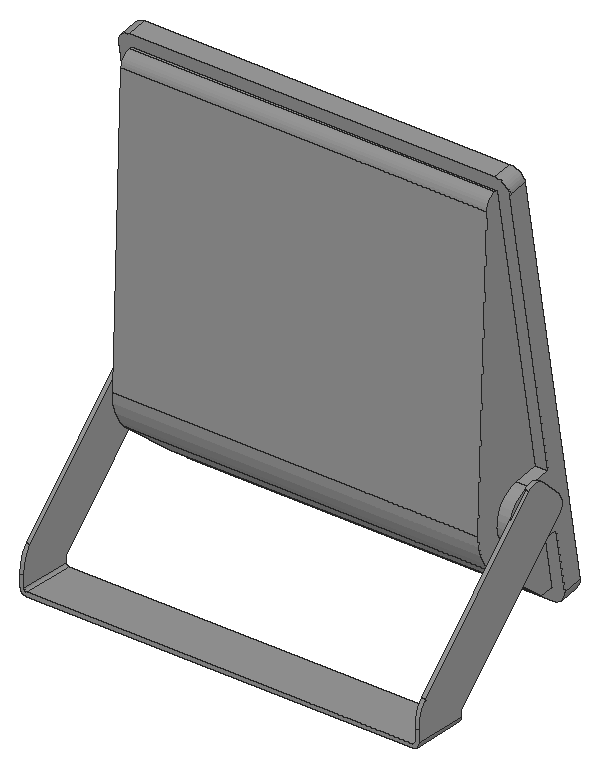
Revit family "0048536", category Lighting Fixtures, host Face, Revit 2017
Family settings
  Host = Face
  Round Connector Dimension = Use Diameter
  Part Type = Normal
  OmniClass Number = 23.80.70.00
  OmniClass Title = Lighting
  Cut with Voids When Loaded = No
  Light Source = No
  Shared = No
  Room Calculation Point = No
Parameters (values of type "0048536 START FLOOD IP66 13KLM 840 WB")
  WingRadius_SYL = 10 mm
  WingLength_SYL = if([50W_SYL], 100 mm, if([100W_SYL], 142 mm, if([150W_SYL], 142 mm, if([200W_SYL], 150 mm, 170 mm))))  # 142 mm
  WidthBracket_SYL = 40 mm
  Weight = "3.9 kg"
  Wattage Comments = ""
  WarrantyStartDate [instance] = "n/a"
  WarrantyGuarantorParts = "n/a"
  WarrantyDurationUnit = "n/a"
  WarrantyDurationParts = "n/a"
  WarrantyDescription = "n/a"
  Voltage = 0 V
  URL = "http://www.sylvania-lighting.com"
  TypeName = "Start Flood IP66 13KLM 840 WB"
  TypeHead_SYL = START Flood IP66 100W luminaire : 0048536
  Type Image = <None>
  Type Comments = "n/a"
  ThicknessBracket_SYL = 3 mm
  SerialNumber [instance] = "n/a"
  RotationAngle_SYL [instance] = -100.00°
  RadiusOutBracket_SYL = 5 mm
  RadiusInBracket_SYL = 2 mm
  Material_3_SYL = none
  PowerFactor = 0.98
  PowerConsumption = "100 W"
  NominalLength = 418 mm
  NominalHeight = 77 mm
  NominalDepth = 330 mm
  Name = "Start Flood IP66 13KLM 840 WB"
  ModelReference = Name  # "Start Flood IP66 13KLM 840 WB"
  ModelNumber = "0048536"
  Model = Name  # "Start Flood IP66 13KLM 840 WB"
  Material = "n/a"
  ManufacturerName = "Feilo Sylvania"
  Manufacturer = "Feilo Sylvania"
  LuminousEfficacy = "140 lm/W"
  LuminaireType = ""
  LightOutputRatio = "n/a"
  LengthIn_SYL = if([50W_SYL], 210 mm, if([100W_SYL], 300 mm, if([150W_SYL], 295 mm, if([200W_SYL], 360 mm, 430 mm))))  # 300 mm
  LampsType = Lamp  # "LED"
  LampNominalLuminous = "14000 lm"
  LampMacAdamStep = "4"
  LampColourTemperature = "4000 K"
  LampColourRenderingIndex = "70"
  Lamp = "LED"
  Keynote = "16500"
  InstallationDate [instance] = "n/a"
  InputVoltage = "n/a"
  InputNominalFrequency = "n/a"
  IngressProtection = "IP66"
  ImpactProtectionIndex = "IK08"
  IfcExportType = "IfcLightFixtureType"
  IfcExportAs = "IfcLightFixtureType"
  EndAngle_SYL [instance] = RotationAngle_SYL + 180.00°  # 80.00°
  ElectricShockClassification = "Class I"
  DocumentationLiterature = "http://www.sylvania-lighting.com/product/en-int/products/0048536"
  DimmingControlOptions = "n/a"
  Material_2_SYL = none
  Description = "Exterior LED Floodlight, comes complete with 1500mm flying lead and adjustable bracket, aluminium housing, clear glass diffuser, IP66, IK08, Class I, 4000K, Non-dimming, 14000lm, 100W, 140lm/W, CRI80, Symmetrical Wide beam angle (60°), 60000 hrs L70B50 lifetime, 418 x 330 x 77mm (LxWxD) dimensions, 3.9kg weight."
  Default Elevation = 1219.2 mm
  CreatedOn = "9/23/2020"
  CreatedBy = "@sylvania-lighting.com"
  Cost = 0
  built-in parameter 1114216 [instance] = (empty or 0)
  ClassificationValue = "EF_70_80"
  ClassificationName = "Uniclass2015"
  Material_1_SYL = Steel, Paint Finish, Dark Gray, Matte
  BarCode [instance] = "n/a"
  AxisOffsetWingEnd_SYL = WidthBracket_SYL / 2  # 20 mm
  AxisHeight_SYL = sin(45.00°) * WingLength_SYL  # 100.409 mm
  AxisDepth_SYL = cos(45.00°) * (WingLength_SYL - tan(45.00°) * AxisOffsetWingEnd_SYL - AxisOffsetWingEnd_SYL)  # 72.125 mm
  AssetType = "Fixed"
  AssetIdentifier [instance] = "n/a"
  Assembly Code = "D5020200"
  Apparent Load = 100 VA
  Material_4_SYL = none
  50W_SYL = no
  200W_SYL = no
  150W_SYL = no
  100W_SYL = yes
Reference planes
  plane 1 "Center (Front/Back)": y = 0
  plane 2: z = 0
  plane 3 "Center (Left/Right)": x = 0
  plane 4: x = 153
  plane 5: x = -153
  plane 6: x = 150
  plane 7: x = -150
  plane 8: z = 10
  plane 9: y = 20
  plane 10: y = -20
  plane 11: z = 3
  plane 12: z = 110.409
  plane 13: y = 92.125
Forms (mm)
  Extrusion 1, solid, material "Steel, Paint Finish, Dark Gray, Matte" <- "Material_1_SYL"
    sketch origin (0, 0, 0) x (1, 0, 0) y (0, 0, 1)
      loop
        arc (148, 0) -> (151.536, 1.464) -> (153, 5) r 5
        line (153, 5) -> (153, 10) -> (150, 10) -> (150, 5)
        arc (150, 5) -> (149.414, 3.586) -> (148, 3) r 2
        line (148, 3) -> (-148, 3)
        arc (-148, 3) -> (-149.414, 3.586) -> (-150, 5) r 2
        line (-150, 5) -> (-150, 10) -> (-153, 10) -> (-153, 5)
        arc (-153, 5) -> (-151.536, 1.464) -> (-148, 0) r 5
        line (-148, 0) -> (148, 0)
    from -20 to 20
  Extrusion 2, solid, material "Steel, Paint Finish, Dark Gray, Matte" <- "Material_1_SYL"
    sketch origin (150, -4572, 2609.058) x (0, 0, 1) y (0, -1, 0)
      loop
        line (-2599.058, -4592) -> (-2505.72, -4685.338)
        arc (-2505.72, -4685.338) -> (-2498.649, -4688.267) -> (-2491.578, -4685.338) r 10
        line (-2491.578, -4685.338) -> (-2477.436, -4671.196)
        arc (-2477.436, -4671.196) -> (-2474.507, -4664.125) -> (-2477.436, -4657.054) r 10
        line (-2477.436, -4657.054) -> (-2576.632, -4557.858)
        arc (-2576.632, -4557.858) -> (-2585.316, -4553.5) -> (-2594.916, -4552) r 31.464
        line (-2594.916, -4552) -> (-2599.058, -4552) -> (-2599.058, -4592)
    from 0 to 3
  Extrusion 3, solid, material "Steel, Paint Finish, Dark Gray, Matte" <- "Material_1_SYL"
    sketch origin (-153, -4572, 2609.058) x (0, 0, 1) y (0, -1, 0)
      loop
        arc (-2505.72, -4685.338) -> (-2498.649, -4688.267) -> (-2491.578, -4685.338) r 10
        line (-2491.578, -4685.338) -> (-2477.436, -4671.196)
        arc (-2477.436, -4671.196) -> (-2474.507, -4664.125) -> (-2477.436, -4657.054) r 10
        line (-2477.436, -4657.054) -> (-2576.632, -4557.858)
        arc (-2576.632, -4557.858) -> (-2585.316, -4553.5) -> (-2594.916, -4552) r 31.464
        line (-2594.916, -4552) -> (-2604.058, -4552) -> (-2604.058, -4592) -> (-2599.058, -4592) -> (-2505.72, -4685.338)
    from 0 to 3
  Revolve 4, solid, not visible
    sketch origin (1223.4, -4572, 110.409) x (0, -1, 0) y (1, 0, 0)
      loop
        line (-4664.125, -1223.4) -> (-4679.125, -1223.4) -> (-4679.125, -1273.4) -> (-4664.125, -1273.4) -> (-4664.125, -1223.4)
      axis (-4664.125, -1223.4) -> (-4664.125, -1273.4)
    angle from -100 <- "RotationAngle_SYL" to 80 <- "EndAngle_SYL"
Cuts and joins
  joined: Extrusion 1, Extrusion 2, Extrusion 3
Lines and regions (mm)
  reference lines
    curve 1: line (0, 20, 10) -> (0, 172.028, 162.028)
    curve 2: line (0, 133.744, 180.312) -> (0, -20, 26.569)
    curve 3: line (0, 92.125, 138.693) -> (0, 120.409, 110.409)
    curve 4: line (-153, 4.393, 22.678) -> (-153, 170.135, 188.419)
    curve 5: line (0, 77.983, 124.551) -> (0, 106.267, 96.267)
Dimensions and locks
  locked: plane 8 to plane 2 at 10
  equal spacing: plane 10, plane 1 "Center (Front/Back)", plane 9
  "WidthBracket_SYL": plane 10 to plane 9
  "WidthBracket_SYL": curve 1 to curve 2
  "ThicknessBracket_SYL": plane 11 to plane 2
  "WingLength_SYL": curve 1 to curve 3
  level to Extrusion 1 = 10 mm
  equal spacing: plane 6, plane 3 "Center (Left/Right)", plane 7
  "LengthIn_SYL": plane 6 to plane 7
  equal spacing: plane 4, plane 3 "Center (Left/Right)", plane 5
  "ThicknessBracket_SYL": plane 7 to plane 5
  equal spacing: curve 1, curve 4, curve 2
  "AxisOffsetWingEnd_SYL": curve 3 to curve 5
  "AxisHeight_SYL": plane 12 to plane 8
  "AxisDepth_SYL": plane 9 to plane 13
  "RadiusInBracket_SYL": radius of Extrusion 1 sketch curve  (x2)
  "RadiusOutBracket_SYL": radius of Extrusion 1 sketch curve  (x2)
  "WingRadius_SYL": radius of Extrusion 2 sketch curve  (x2)
  locked: plane 8 to curve 1 (angle 45.00°)
  locked: plane 8 to curve 2 (angle 45.00°)
  aligned and locked: plane 2 to host face
  aligned and locked: level to host face
  aligned and locked: plane 9 to curve 1
  aligned and locked: plane 8 to curve 1
  aligned and locked: plane 10 to curve 2
  aligned and locked: plane 5 to Extrusion 1 sketch curve
  aligned and locked: plane 8 to Extrusion 1 sketch curve  (x2)
  aligned and locked: Extrusion 1 sketch curve to plane 7
  aligned and locked: plane 11 to Extrusion 1 sketch curve
  aligned and locked: plane 6 to Extrusion 1 sketch curve
  aligned and locked: Extrusion 1 sketch curve to plane 4
  aligned and locked: Extrusion 1 to plane 9
  aligned and locked: plane 10 to Extrusion 1
  aligned and locked: Extrusion 2 sketch curve to curve 1
  aligned and locked: curve 2 to Extrusion 2 sketch curve
  aligned and locked: plane 10 to Extrusion 2 sketch curve
  aligned and locked: Extrusion 2 sketch curve to Extrusion 1
  aligned and locked: plane 4 to Extrusion 2
  aligned and locked: Extrusion 2 to plane 6
  aligned and locked: plane 7 to Extrusion 3
  aligned and locked: Extrusion 3 to plane 5
  aligned and locked: cut or joined group of Extrusion 1, Extrusion 2, Extrusion 3 to curve 5  (x2)
  aligned and locked: Revolve 4 sketch curve to plane 13  (x2)
  aligned and locked: Revolve 4 sketch curve to curve 3
  aligned and locked: curve 2 to plane 3 "Center (Left/Right)"
  aligned and locked: Extrusion 3 sketch curve to cut or joined group of Extrusion 1, Extrusion 2, Extrusion 3  (x5)
  aligned and locked: cut or joined group of Extrusion 1, Extrusion 2, Extrusion 3 to Extrusion 3 sketch curve
  aligned and locked: nested 1 to plane 3 "Center (Left/Right)"
Automatic sketch dimensions
  host sketch curve to host sketch curve = 2438.4 mm  (x2)
  curve 4 to plane 1 "Center (Front/Back)" = 4.393 mm
  curve 4 to plane 9 = 150.135 mm
  Revolve 4 sketch curve to Revolve 4 sketch curve = 15 mm
  Revolve 4 sketch curve to plane 3 "Center (Left/Right)" = 50 mm
  Revolve 4 sketch curve to plane 5 = 1316.635 mm
  plane 4 to Revolve 4 sketch curve = 1441.773 mm
  Extrusion 3 sketch curve to plane 10 = 5.858 mm
  plane 12 to Extrusion 3 sketch curve = 7.071 mm
  Extrusion 3 sketch curve to plane 12 = 7.071 mm
  Extrusion 3 sketch curve to Extrusion 3 sketch curve = 7.071 mm
  plane 13 to Extrusion 3 sketch curve = 7.071 mm
  Extrusion 1 sketch curve to Extrusion 1 sketch curve = 0 mm  (x2)
  plane 12 to Extrusion 2 sketch curve = 0 mm
  Extrusion 2 sketch curve to plane 13 = 0 mm
  Extrusion 2 sketch curve to Extrusion 2 sketch curve = 4.142 mm
  Extrusion 2 sketch curve to plane 10 = 5.858 mm
  plane 12 to Extrusion 2 sketch curve = 7.071 mm
  Extrusion 2 sketch curve to plane 12 = 7.071 mm
  plane 13 to Extrusion 2 sketch curve = 7.071 mm
  Extrusion 2 sketch curve to plane 13 = 7.071 mm
Nested families
  nested 1: "START Flood IP66 100W luminaire" at (0, 92.125, 110.409) x (-1, 0, 0) z (0, 0.9848, 0.1736), type <- "TypeHead_SYL", type "0048536"
    with built-in parameter 1114216 (empty or 0)
Connectors
  electrical at (4.2, 0, 0), driven by "Voltage", driven by "Apparent Load", driven by "PowerFactor"
    settings: on host face, index 1, voltage 0 V, apparent load 100 VA, apparent load phase1 0 VA, apparent load phase2 0 VA, apparent load phase3 0 VA, power factor 0.98, load classification "Other", number of poles 1, system type 30, power factor state 1, is connector primary yes, connector utility no, sub classification motor no, connector description ""
Definition of nested family "START Flood IP66 100W luminaire"
  Parameters (values of type "0048208 Start Flood IP66 14000lm 740 WB")
    WidthHead_SYL = if([50W_SYL], 210 mm, if([100W_SYL], 300 mm, if([150W_SYL], 295 mm, if([200W_SYL], 360 mm, 430 mm))))  # 300 mm
    Wattage Comments = "n/a"
    Wattage = 100 W
    built-in parameter 1150110 = 1 (stored number, unit not read)
    URL = "http://www.sylvania-lighting.com"
    Type Image = (empty or 0)
    Type Comments = "n/a"
    built-in parameter 1114217 = 1 (stored number, unit not read)
    Tilt Angle = -90.00°
    built-in parameter 1150109 = 1 (stored number, unit not read)
    built-in parameter 1150134 = 12
    built-in parameter 1150113 = 1 (stored number, unit not read)
    ScreenThickness_SYL = 14.5 mm  # constant formula
    ReflectorOffset_SYL = 12 mm  # constant formula
    ReflectorOffsetIn_SYL = RadiusReflectorFront_SYL  # 30 mm
    ReflectorHeight_SYL = if([50W_SYL], 145 mm, if([100W_SYL], 165 mm, if([150W_SYL], 210 mm, if([200W_SYL], 240 mm, 290 mm))))  # 165 mm
    RadiusReflectorIn_SYL = 5 mm  # constant formula
    RadiusReflectorFront_SYL = if([50W_SYL], 30 mm, if([100W_SYL], 30 mm, if([150W_SYL], 30 mm, if([200W_SYL], 30 mm, 35 mm))))  # 30 mm
    RadiusHinge_SYL = RadiusBack_SYL / 1.8  # 22.222 mm
    RadiusBack_SYL = if([50W_SYL], 31.3 mm, if([100W_SYL], 40 mm, if([150W_SYL], 40 mm, if([200W_SYL], 50 mm, 55 mm))))  # 40 mm
    Photometric Web File = "0048208.ies"
    OffsetBack_SYL = 10 mm  # constant formula
    Material_5_SYL = none
    Material_3_SYL = none
    Model = "Start Flood IP66 14000lm 740 WB"
    Manufacturer = "Feilo Sylvania"
    built-in parameter 1150105 = 16336.9 (stored number, unit not read)
    Lumens = 14500 lm
    built-in parameter 1150115 = 1 (stored number, unit not read)
    built-in parameter 1150137 = (empty or 0)
    built-in parameter 1150139 = (empty or 0)
    built-in parameter 1150112 = 1 (stored number, unit not read)
    built-in parameter 1150114 = 1 (stored number, unit not read)
    Lamp = "LED"
    Keynote = "16500"
    Material_2_SYL = none
    built-in parameter 1150132 = (empty or 0)
    built-in parameter 1150102 = (empty or 0)
    built-in parameter 1150107 = 4000 (stored number, unit not read)
    built-in parameter 1150138 = (empty or 0)
    built-in parameter 1150106 = 163.37 (stored number, unit not read)
    HeightHead_SYL = if([50W_SYL], 250 mm, if([100W_SYL], 320 mm, if([150W_SYL], 367 mm, if([200W_SYL], 400 mm, 470 mm))))  # 320 mm
    Emit from Rectangle Width = WidthHead_SYL - 4 mm - ReflectorOffset_SYL * 2 - ReflectorOffsetIn_SYL * 2  # 212 mm
    Emit from Rectangle Length = ReflectorHeight_SYL - ReflectorOffsetIn_SYL * 2  # 105 mm
    Emit Shape Visible in Rendering = no
    built-in parameter 1150104 = 13.471 (stored number, unit not read)
    Dimming Lamp Color Temperature Shift = (empty or 0)
    Description = ""
    Default Elevation = 1219.2 mm
    Cost = 0
    Color Filter = 16777215
    built-in parameter 1114216 [instance] = (empty or 0)
    Material_1_SYL = none
    Chamfer_SYL = if([50W_SYL], 15 mm, if([100W_SYL], 15 mm, if([150W_SYL], 15 mm, if([200W_SYL], 15 mm, 20 mm))))  # 15 mm
    built-in parameter 1114218 = 1 (stored number, unit not read)
    AxisOffsetBottom_SYL = if([50W_SYL], 68 mm, if([100W_SYL], 80 mm, if([150W_SYL], 92.2 mm, if([200W_SYL], 99.7 mm, 117 mm))))  # 80 mm
    AxisOffsetFront_SYL = if([50W_SYL], 28.4 mm, if([100W_SYL], 33.2 mm, if([150W_SYL], 33.2 mm, if([200W_SYL], 32.9 mm, 38.3 mm))))  # 33.2 mm
    built-in parameter 1150133 = 10 (stored number, unit not read)
    Assembly Code = "D5020200"
    Apparent Load = 100 VA
    Material_4_SYL = none
    50W_SYL = no
    200W_SYL = no
    150W_SYL = no
    100W_SYL = yes
  Types (2, lengths in mm): name | Wattage | Photometric Web File | Model | built-in parameter 1150105 | Lumens | built-in parameter 1150106 | built-in parameter 1150104 | Apparent Load
    0048209 Start Flood IP66 14000lm 740 ASYM | 99 W | "0048209.ies" | "Start Flood IP66 14000lm 740 ASYM" | 7375.4 (stored number, unit not read) | 13563 lm | 73.754 (stored number, unit not read) | 12.728 (stored number, unit not read) | 99 VA
    0048208 Start Flood IP66 14000lm 740 WB | 100 W | "0048208.ies" | "Start Flood IP66 14000lm 740 WB" | 16336.9 (stored number, unit not read) | 14500 lm | 163.37 (stored number, unit not read) | 13.471 (stored number, unit not read) | 100 VA
  Reference planes
    plane 1 "Center (Front/Back)": y = 0
    plane 2: z = 0
    plane 3 "Center (Left/Right)": x = 0
    plane 4: x = 150
    plane 5: x = -150
    plane 6: y = -80
    plane 7: y = 240
    plane 8: z = 33.2
    plane 9: z = 18.7
    plane 10: y = 230
    plane 11: y = -70
    plane 12: x = -140
    plane 13: x = 140
    plane 14: x = -148
    plane 15: y = 238
    plane 16: x = 148
    plane 17: y = -78
    plane 18: y = 223
    plane 19: x = 133
    plane 20: x = -133
    plane 21: y = -63
    plane 22: z = 31.2
    plane 23: z = 8.7
    plane 24: x = -136
    plane 25: y = 226
    plane 26: x = 136
    plane 27: y = 61
    plane 28: x = -106
    plane 29: y = 91
    plane 30: x = 106
    plane 31: y = 196
    plane 32: y = 143.5
  Forms (mm)
    Extrusion 1, solid
      sketch origin (4.2, 0, 0) x (1, 0, 0) y (0, 1, 0)
        loop
          line (-1219.2, 1219.2) -> (-1219.2, -1219.2) -> (1219.2, -1219.2) -> (1219.2, 1219.2) -> (-1219.2, 1219.2)
      from 0 to -68.017
    Extrusion 2, solid, material <- "Material_1_SYL"
      sketch origin (0, 1219.2, 33.2) x (1, 0, 0) y (0, -1, 0)
        loop
          line (-140, 979.2) -> (140, 979.2)
          arc (140, 979.2) -> (147.071, 982.129) -> (150, 989.2) r 10
          line (150, 989.2) -> (150, 1289.2)
          arc (150, 1289.2) -> (147.071, 1296.271) -> (140, 1299.2) r 10
          line (140, 1299.2) -> (-140, 1299.2)
          arc (-140, 1299.2) -> (-147.071, 1296.271) -> (-150, 1289.2) r 10
          line (-150, 1289.2) -> (-150, 989.2)
          arc (-150, 989.2) -> (-147.071, 982.129) -> (-140, 979.2) r 10
      from 0 to 14.5
    Extrusion 3, void
      sketch origin (0, 1219.2, 33.2) x (1, 0, 0) y (0, -1, 0)
        loop
          line (-133, 981.2) -> (133, 981.2) -> (148, 996.2) -> (148, 1282.2) -> (133, 1297.2) -> (-133, 1297.2) -> (-148, 1282.2) -> (-148, 996.2) -> (-133, 981.2)
      from 0 to 2
    Blend 4, void
      base sketch origin (0, 1219.2, 31.2) x (0, -1, 0) y (1, 0, 0)
        loop
          arc (993.2, -106) -> (1001.987, -127.213) -> (1023.2, -136) r 30
          line (1023.2, -136) -> (1128.2, -136)
          arc (1128.2, -136) -> (1149.413, -127.213) -> (1158.2, -106) r 30
          line (1158.2, -106) -> (1158.2, 106)
          arc (1158.2, 106) -> (1149.413, 127.213) -> (1128.2, 136) r 30
          line (1128.2, 136) -> (1023.2, 136)
          arc (1023.2, 136) -> (1001.987, 127.213) -> (993.2, 106) r 30
          line (993.2, 106) -> (993.2, -106)
      top sketch origin (0, 1219.2, 31.2) x (0, -1, 0) y (1, 0, 0)
        loop
          arc (1023.2, -103) -> (1025.044, -105.183) -> (1027.783, -106) r 5
          line (1027.783, -106) -> (1123.2, -106)
          arc (1123.2, -106) -> (1126.736, -104.536) -> (1128.2, -101) r 5
          line (1128.2, -101) -> (1128.2, 101)
          arc (1128.2, 101) -> (1126.736, 104.536) -> (1123.2, 106) r 5
          line (1123.2, 106) -> (1028.2, 106)
          arc (1028.2, 106) -> (1024.664, 104.536) -> (1023.2, 101) r 5
          line (1023.2, 101) -> (1023.2, -103)
      from 0 to -22.5
    Extrusion 5, solid, material <- "Material_1_SYL"
      sketch origin (0, 0, 0) x (0, 1, 0) y (0, 0, 1)
        loop
          line (-70, 18.7) -> (-70, 13.506)
          arc (-70, 13.506) -> (-68.858, 8.865) -> (-65.693, 5.284) r 10
          line (-65.693, 5.284) -> (-22.772, -32.885)
          arc (-22.772, -32.885) -> (-8.374, -39.114) -> (7.312, -39.326) r 40
          line (7.312, -39.326) -> (222.006, 7.063)
          arc (222.006, 7.063) -> (227.748, 10.538) -> (230, 16.86) r 10
          line (230, 16.86) -> (230, 18.7) -> (-70, 18.7)
      from -140 to 140
    Extrusion 6, solid, material <- "Material_4_SYL"
      sketch origin (0, 1219.2, 31.2) x (1, 0, 0) y (0, -1, 0)
        loop
          line (133, 981.2) -> (148, 996.2) -> (148, 1282.2) -> (133, 1297.2) -> (-133, 1297.2) -> (-148, 1282.2) -> (-148, 996.2) -> (-133, 981.2) -> (133, 981.2)
      from -2 to 0
    Extrusion 7, solid, material <- "Material_1_SYL"
      sketch origin (0, 0, 0) x (0, 1, 0) y (0, 0, 1)
        loop
          arc (-22.222, 0) -> (0, -22.222) -> (22.222, 0) r 22.222
          line (22.222, 0) -> (22.222, 18.7) -> (-22.222, 18.7) -> (-22.222, 0)
      from -150 to 150
  Cuts and joins
    Extrusion 3, Blend 4 cuts Extrusion 2
    joined: Extrusion 2, Extrusion 5, Extrusion 7
  Lines and regions (mm)
    Split face 1
      outline origin (0, 1219.2, 33.2) x (1, 0, 0) y (0, 1, 0)
        loop
          arc (106, -1158.2) -> (127.213, -1149.413) -> (136, -1128.2) r 30
          line (136, -1128.2) -> (136, -1023.2)
          arc (136, -1023.2) -> (127.213, -1001.987) -> (106, -993.2) r 30
          line (106, -993.2) -> (-106, -993.2)
          arc (-106, -993.2) -> (-127.213, -1001.987) -> (-136, -1023.2) r 30
          line (-136, -1023.2) -> (-136, -1128.2)
          arc (-136, -1128.2) -> (-127.213, -1149.413) -> (-106, -1158.2) r 30
          line (-106, -1158.2) -> (106, -1158.2)
    reference lines
      curve 1: circle (0, 0, 0) r 40 normal (1, 0, 0)
      curve 2: line (-106, 226, 33.2) -> (106, 226, 33.2)
      curve 3: line (-136, 91, 33.2) -> (-136, 196, 33.2)
      curve 4: line (106, 61, 33.2) -> (-106, 61, 33.2)
      curve 5: line (136, 196, 33.2) -> (136, 91, 33.2)
      curve 6: arc (-106, 226, 33.2) -> (-127.213, 217.213, 33.2) -> (-136, 196, 33.2) r 30
      curve 7: arc (106, 226, 33.2) -> (127.213, 217.213, 33.2) -> (136, 196, 33.2) r 30
      curve 8: arc (-136, 91, 33.2) -> (-127.213, 69.787, 33.2) -> (-106, 61, 33.2) r 30
      curve 9: arc (106, 61, 33.2) -> (127.213, 69.787, 33.2) -> (136, 91, 33.2) r 30
      curve 10: line (-103, 196, 33.2) -> (101, 196, 33.2)
      curve 11: line (-106, 96, 33.2) -> (-106, 191.417, 33.2)
      curve 12: line (101, 91, 33.2) -> (-101, 91, 33.2)
      curve 13: line (106, 191, 33.2) -> (106, 96, 33.2)
      curve 14: arc (-103, 196, 33.2) -> (-105.183, 194.156, 33.2) -> (-106, 191.417, 33.2) r 5
      curve 15: arc (-101, 91, 33.2) -> (-104.536, 92.464, 33.2) -> (-106, 96, 33.2) r 5
      curve 16: arc (106, 96, 33.2) -> (104.536, 92.464, 33.2) -> (101, 91, 33.2) r 5
      curve 17: arc (101, 196, 33.2) -> (104.536, 194.536, 33.2) -> (106, 191, 33.2) r 5
      curve 18: circle (0, 0, 0) r 22.222 normal (1, 0, 0)
  Dimensions and locks
    equal spacing: plane 4, plane 3 "Center (Left/Right)", plane 5
    "WidthHead_SYL": plane 4 to plane 5
    "AxisOffsetBottom_SYL": plane 6 to plane 1 "Center (Front/Back)"
    "HeightHead_SYL": plane 6 to plane 7
    "AxisOffsetFront_SYL": plane 8 to plane 2
    "ScreenThickness_SYL": plane 9 to plane 8
    equal spacing: plane 12, plane 3 "Center (Left/Right)", plane 13
    "OffsetBack_SYL": plane 5 to plane 12
    "OffsetBack_SYL": plane 10 to plane 7
    "OffsetBack_SYL": plane 6 to plane 11
    locked: plane 6 to plane 17 at 2
    locked: plane 16 to plane 4 at 2
    locked: plane 5 to plane 14 at 2
    locked: plane 15 to plane 7 at 2
    "Chamfer_SYL": plane 19 to plane 16
    "Chamfer_SYL": plane 14 to plane 20
    "Chamfer_SYL": plane 18 to plane 15
    locked: plane 22 to plane 8 at 2
    "Chamfer_SYL": plane 17 to plane 21
    locked: plane 23 to plane 9 at 10
    equal spacing: plane 24, plane 3 "Center (Left/Right)", plane 26
    "ReflectorOffset_SYL": plane 25 to plane 15
    "ReflectorHeight_SYL": plane 27 to plane 25
    "ReflectorOffset_SYL": plane 14 to plane 24
    "ReflectorOffsetIn_SYL": plane 31 to plane 25
    "ReflectorOffsetIn_SYL": plane 24 to plane 28
    "ReflectorOffsetIn_SYL": plane 27 to plane 29
    "ReflectorOffsetIn_SYL": plane 30 to plane 26
    level to Extrusion 7 = 18.7 mm
    equal spacing: plane 29, plane 32, plane 31
    "RadiusBack_SYL": radius of curve 1
    "OffsetBack_SYL": radius of Extrusion 2 sketch curve  (x4)
    "RadiusReflectorFront_SYL": radius of curve 6
    "RadiusReflectorFront_SYL": radius of curve 8
    "RadiusReflectorFront_SYL": radius of curve 9
    "RadiusReflectorFront_SYL": radius of curve 7
    "RadiusReflectorIn_SYL": radius of curve 14
    "RadiusReflectorIn_SYL": radius of curve 15
    "RadiusReflectorIn_SYL": radius of curve 16
    "RadiusReflectorIn_SYL": radius of curve 17
    radius of Extrusion 5 sketch curve = 10 mm  (x2)
    "RadiusHinge_SYL": radius of curve 18
    aligned and locked: plane 2 to Extrusion 1
    aligned and locked: level to Extrusion 1
    aligned and locked: Extrusion 2 sketch curve to plane 7
    aligned and locked: plane 12 to Extrusion 2 sketch curve  (x2)
    aligned and locked: plane 13 to Extrusion 2 sketch curve  (x2)
    aligned and locked: plane 10 to Extrusion 2 sketch curve
    aligned and locked: plane 11 to Extrusion 2 sketch curve  (x2)
    aligned and locked: plane 9 to Extrusion 2
    aligned and locked: Extrusion 2 to plane 8
    aligned and locked: plane 20 to Extrusion 3 sketch curve
    aligned and locked: plane 18 to Extrusion 3 sketch curve
    aligned and locked: plane 14 to Extrusion 3 sketch curve
    aligned and locked: plane 17 to Extrusion 3 sketch curve
    aligned and locked: Extrusion 3 sketch curve to plane 16
    aligned and locked: plane 19 to Extrusion 3 sketch curve
    aligned and locked: plane 15 to Extrusion 3 sketch curve
    aligned and locked: plane 22 to Extrusion 3
    aligned and locked: Extrusion 3 to plane 8
    aligned and locked: curve 2 to plane 25
    aligned and locked: curve 3 to plane 24
    aligned and locked: plane 27 to curve 4
    aligned and locked: plane 26 to curve 5
    aligned and locked: curve 10 to plane 31
    aligned and locked: curve 11 to plane 28
    aligned and locked: plane 29 to curve 12
    aligned and locked: plane 30 to curve 13
    aligned and locked: Blend 4 sketch curve to curve 6
    aligned and locked: Blend 4 sketch curve to curve 8
    aligned and locked: Blend 4 sketch curve to curve 9
    aligned and locked: Blend 4 sketch curve to curve 7
    aligned and locked: Blend 4 sketch curve to curve 10
    aligned and locked: Blend 4 sketch curve to curve 17
    aligned and locked: Blend 4 sketch curve to curve 16
    aligned and locked: Blend 4 sketch curve to curve 15
    aligned and locked: Blend 4 sketch curve to curve 14
    aligned and locked: Blend 4 to plane 22
    aligned and locked: Extrusion 5 sketch curve to curve 1
    aligned and locked: Extrusion 5 to plane 12
    aligned and locked: plane 13 to Extrusion 5
    aligned and locked: plane 23 to Blend 4
    aligned and locked: Extrusion 6 sketch curve to cut or joined group of Extrusion 2, Extrusion 3, Blend 4, Extrusion 5, Extrusion 7  (x8)
    aligned and locked: plane 22 to Extrusion 6
    aligned and locked: Extrusion 6 to plane 8
    aligned and locked: Split face 1 sketch curve to cut or joined group of Extrusion 2, Extrusion 3, Blend 4, Extrusion 5, Extrusion 7  (x4)
    aligned and locked: Extrusion 7 sketch curve to curve 18
    aligned and locked: plane 9 to Extrusion 7 sketch curve  (x2)
    aligned and locked: plane 4 to Extrusion 7
    aligned and locked: Extrusion 7 to plane 5
    aligned and locked: plane 3 "Center (Left/Right)" to imposter light
    aligned and locked: plane 32 to imposter light
    aligned and locked: imposter light to plane 8
  Automatic sketch dimensions
    Extrusion 1 sketch curve to Extrusion 1 sketch curve = 2438.4 mm  (x2)
    Extrusion 3 sketch curve to plane 20 = 0 mm
    Extrusion 3 sketch curve to plane 19 = 0 mm
    plane 21 to Extrusion 3 sketch curve = 0 mm  (x2)
    plane 18 to Extrusion 3 sketch curve = 0 mm
    plane 28 to curve 10 = 3 mm
    curve 1 to curve 18 = 0 mm  (x2)
    curve 18 to level = 0 mm
    curve 18 to plane 1 "Center (Front/Back)" = 0 mm
    Extrusion 7 sketch curve to level = 0 mm
    Extrusion 5 sketch curve to plane 11 = 0 mm
    Extrusion 5 sketch curve to plane 10 = 0 mm
    plane 9 to Extrusion 5 sketch curve = 0 mm
    plane 21 to Extrusion 5 sketch curve = 2.693 mm
    plane 1 "Center (Front/Back)" to Extrusion 5 sketch curve = 22.772 mm
    Extrusion 5 sketch curve to plane 1 "Center (Front/Back)" = 7.312 mm
    plane 18 to Extrusion 5 sketch curve = 0.994 mm
    plane 23 to Extrusion 5 sketch curve = 3.416 mm
    plane 23 to Extrusion 5 sketch curve = 1.637 mm
